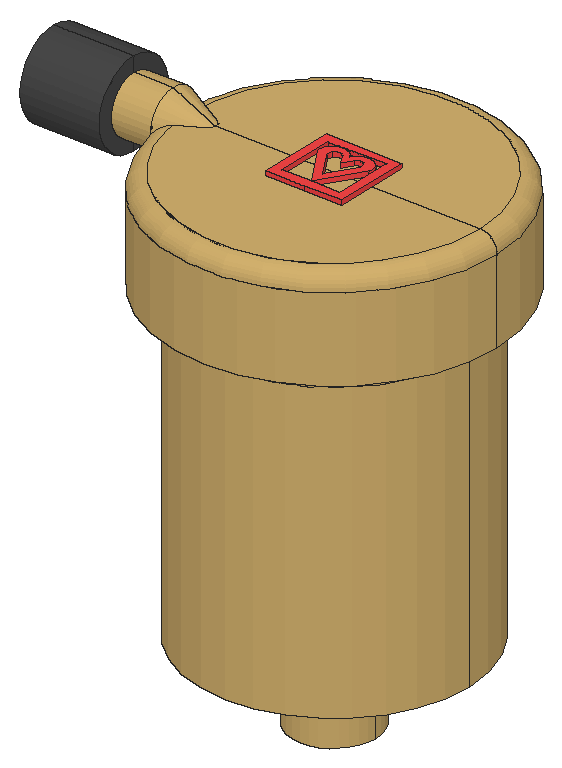
Revit family "Воздухоудалитель с функцией впуска и выпуска воздуха 2630 02", category Rohrzubehör, Revit 2021
Family settings
  Bemaßung runder Anschluss = Durchmesser verwenden
  Teiletyp = Normal
  OmniClass-Nummer = 23.65.55.14
  OmniClass-Titel = Valves for Liquid Services
  Arbeitsebenenbasiert = Nein
  Immer vertikal = Ja
  Beim Laden mit Abzugskörper schneiden = Nein
  Gemeinsam genutzt = Nein
Parameters
  Номер заказа [instance] = if(Nennweite AG = 10.000 mm, 1263002, 0)  # 1263002
  Vorgabe-Ansicht = 0.000 mm
  URL = "www.herz-armaturen.ru"
  Поплавок = "полипропилен"  # constant formula
  SCRNSEQ = "AWI;AWI_TYP=\"1013\";1"
  SCRNCODE = "05;14;01"  # constant formula
  S02 = 11.000 mm  # constant formula
  S01 = 24.500 mm  # constant formula
  R01 = 2.000 mm  # constant formula
  Nennweite AG [instance] = 10.000 mm  # constant formula
  Мин. рабочая температура = 0 °C  # constant formula
  Среда = "Качество  теплоносителя в соответствии с ÖNORM H5195 и/или предписаниями VDI-Standard 2035.\nРазрешается использование смеси этилен или пропиленгликоля в соотношении 25-50% с водой. Прокладки EPDM могут быть подвержены воздействию минеральных смазочных масел, что может служить причиной выхода из строя данных уплотнений. Пожалуйста, обратитесь к документации производителя, при использовании этиленгликоля и пропиленгликоля в целях защиты от замерзания."
  Макс. давление на корпусе = 1200000.0 Pa  # constant formula
  Макс. рабочая температура = 110 °C  # constant formula
  Макс. рабочее давление = 800000.0 Pa  # constant formula
  L04 = L00 - L01  # 24.000 mm
  L03 = 13.500 mm  # constant formula
  L02 = 4.800 mm  # constant formula
  L01 = 9.500 mm  # constant formula
  L00 = 33.500 mm  # constant formula
  Hersteller = "Herz-Armaturen GmbH"  # constant formula
  H05 = H00 - 1.000 mm  # 58.000 mm
  H04 = H03 - D03  # 57.900 mm
  H03 = 63.000 mm  # constant formula
  H02 = 9.500 mm  # constant formula
  H01 = 12.000 mm  # constant formula
  H00 = 59.000 mm  # constant formula
  Корпус = "штампованная латунь в соответствии с EN 12165, CW617N"  # constant formula
  G1 [instance] = Nennweite AG / 2  # 5.000 mm
  Уплотнение = "NBR"  # constant formula
  Крышка корпуса = "штампованная латунь в соответствии с EN 12165, CW617N"  # constant formula
  D05 = 0.800 mm  # constant formula
  D04 = 3.400 mm  # constant formula
  D03 = 5.100 mm  # constant formula
  D02 = 19.500 mm  # constant formula
  D01 = 16.200 mm  # constant formula
  Наружная резьба подключения = "в соответствии с ISO 228"  # constant formula
  Область применения = "Воздухоотводчик используется для удаления воздуха в системах отопления и холодоснабжения. Клапаны должны быть размещены рядом с котлом или же в самых высоких точках системы, чтобы обеспечить удаление воздуха из системы."
  Колпачок = "полипропилен, цвет черный"  # constant formula
Reference planes
  plane 1 "Mitte (Vorne/hinten)": y = 0
  plane 2: z = 0
  plane 3 "Mitte (Links/rechts)": x = 0
Forms (mm)
  Revolve 1, solid, material "Messing", detail levels fine
    sketch origin (0, 0, 0) x (1, 0, 0) y (0, 0, 1)
      loop
        line (0, 0) -> (0, 59) -> (-17.5, 59)
        arc (-17.5, 59) -> (-18.914, 58.414) -> (-19.5, 57) r 2
        line (-19.5, 57) -> (-19.5, 47) -> (-18.2, 47)
        arc (-18.2, 47) -> (-16.786, 46.414) -> (-16.2, 45) r 2
        line (-16.2, 45) -> (-16.2, 9.5) -> (-5, 9.5) -> (-5, 0) -> (0, 0)
      axis (0, 59) -> (0, 0)
    angle from 0 to 360
  Revolve 2, solid, material "Kunststoff schwarz", detail levels fine
    sketch origin (0, 0, 0) x (1, 0, 0) y (0, 0, 1)
      loop
        line (-33.5, 57.9) -> (-24, 57.9) -> (-24, 63) -> (-33.5, 63) -> (-33.5, 57.9)
      axis (-33.5, 57.9) -> (-24, 57.9)
    angle from 0 to 360
  Revolve 3, solid, material "Messing", detail levels fine
    sketch origin (0, 0, 0) x (1, 0, 0) y (0, 0, 1)
      loop
        line (-24, 57.9) -> (0, 57.9) -> (0, 58.7) -> (-13.5, 58.7) -> (-19.2, 61.3) -> (-24, 61.3) -> (-24, 57.9)
      axis (-24, 57.9) -> (0, 57.9)
    angle from 0 to 360
Lines and regions (mm)
  model lines, detail levels coarse+medium
    curve 1: line (0, 0, 59) -> (-11.455, 0, 47.545)
    curve 2: line (0, 0, 59) -> (11.455, 0, 47.545)
    curve 3: circle (0, 0, 34.5) r 11 normal (0, -1, 0)
    curve 4: line (0, 0, 10) -> (-11.455, 0, 21.455)
    curve 5: line (0, 0, 10) -> (11.455, 0, 21.455)
    curve 6: line (0, 0, 59) -> (0, 0, 45.5)
    curve 7: line (0, 0, 23.5) -> (0, 0, 0)
    curve 8: line (0, 0, 59) -> (0, -11.455, 47.545)
    curve 9: line (0, 0, 59) -> (0, 11.455, 47.545)
    curve 10: circle (0, 0, 34.5) r 11 normal (1, 0, 0)
    curve 11: line (0, 0, 10) -> (0, -11.455, 21.455)
    curve 12: line (0, 0, 10) -> (0, 11.455, 21.455)
    curve 13: line (0, 59, 0) -> (11.455, 47.545, 0)
    curve 14: line (0, 59, 0) -> (-11.455, 47.545, 0)
    curve 15: circle (0, 34.5, 0) r 11 normal (0, 0, 1)
    curve 16: line (0, 59, 0) -> (0, 45.5, 0)
    curve 17: line (0, 23.5, 0) -> (0, 0, 0)
    curve 18: line (0, 10, 0) -> (11.455, 21.455, 0)
    curve 19: line (0, 10, 0) -> (-11.455, 21.455, 0)
Dimensions and locks
  "G1": Revolve 1 sketch curve to Revolve 1 sketch curve
  "H00": Revolve 1 sketch curve to Revolve 1 sketch curve
  "D01": Revolve 1 sketch curve to Revolve 1 sketch curve
  "D02": Revolve 1 sketch curve to Revolve 1 sketch curve
  "H02": Revolve 1 sketch curve to Revolve 1 sketch curve
  "H01": Revolve 1 sketch curve to Revolve 1 sketch curve
  "D03": Revolve 2 sketch curve to Revolve 2 sketch curve
  "L01": Revolve 2 sketch curve to Revolve 2 sketch curve
  "L00": Revolve 2 sketch curve to plane 3 "Mitte (Links/rechts)"
  "D04": Revolve 3 sketch curve to Revolve 3 sketch curve
  "L02": Revolve 3 sketch curve to Revolve 3 sketch curve
  "L03": Revolve 3 sketch curve to plane 3 "Mitte (Links/rechts)"
  "L04": Revolve 3 sketch curve to plane 3 "Mitte (Links/rechts)"
  "D05": Revolve 3 sketch curve to Revolve 3 sketch curve
  "H03": Revolve 2 sketch curve to plane 2
  "H04": Revolve 3 sketch curve to plane 2
  "H05": nested 1 to plane 2
  "D01": curve 2 to curve 2
  "D01": curve 1 to curve 2
  "S01": curve 5 to curve 3 to curve 2
  "H00": curve 6 to plane 2
  "D01": curve 4 to curve 5
  "D01": curve 5 to curve 5
  "S01": curve 9 to curve 10
  "H00": curve 9 to plane 2
  "S01": curve 12 to curve 10
  "D01": curve 8 to curve 8
  "D01": curve 9 to curve 9
  "D01": curve 11 to curve 11
  "D01": curve 12 to curve 12
  "H00": curve 16 to curve 17
  "D01": curve 14 to curve 14
  "D01": curve 13 to curve 13
  "D01": curve 19 to curve 19
  "D01": curve 18 to curve 18
  "S01": curve 16 to curve 15 to curve 19
  "R01": radius of Revolve 1 sketch curve  (x2)
  "S02": radius of curve 3
  "S02": radius of curve 10
  "S02": radius of curve 15
  angle curve 1 to curve 6 = 45.00°
  angle curve 6 to curve 2 = 45.00°
  angle curve 5 to curve 7 = 45.00°
  angle curve 7 to curve 4 = 45.00°
  angle plane 1 "Mitte (Vorne/hinten)" to curve 9 = 45.00°
  angle curve 8 to plane 1 "Mitte (Vorne/hinten)" = 45.00°
  angle plane 1 "Mitte (Vorne/hinten)" to curve 11 = 45.00°
  angle curve 12 to plane 1 "Mitte (Vorne/hinten)" = 45.00°
  angle curve 16 to curve 13 = 45.00°
  angle curve 14 to curve 16 = 45.00°
  angle curve 16 to curve 19 = 45.00°
  angle curve 18 to curve 17 = 45.00°
  aligned and locked: level to plane 2
Automatic sketch dimensions
  curve 12 to plane 1 "Mitte (Vorne/hinten)" = 0.000 mm
  curve 10 to plane 1 "Mitte (Vorne/hinten)" = 0.000 mm
  curve 9 to plane 1 "Mitte (Vorne/hinten)" = 0.000 mm
  curve 2 to plane 3 "Mitte (Links/rechts)" = 0.000 mm
  curve 7 to plane 3 "Mitte (Links/rechts)" = 0.000 mm
  curve 3 to plane 3 "Mitte (Links/rechts)" = 0.000 mm
  curve 4 to plane 3 "Mitte (Links/rechts)" = 0.000 mm
  curve 14 to plane 3 "Mitte (Links/rechts)" = 0.000 mm
  curve 19 to plane 3 "Mitte (Links/rechts)" = 0.000 mm
  curve 15 to plane 3 "Mitte (Links/rechts)" = 0.000 mm
  curve 17 to plane 3 "Mitte (Links/rechts)" = 0.000 mm
  plane 1 "Mitte (Vorne/hinten)" to curve 17 = 0.000 mm
  Revolve 1 sketch curve to level = 0.000 mm
  Revolve 1 sketch curve to plane 3 "Mitte (Links/rechts)" = 0.000 mm  (x2)
  Revolve 1 sketch curve to level = 2000.000 mm
  Revolve 1 sketch curve to Revolve 1 sketch curve = 1937.000 mm
  Revolve 2 sketch curve to Revolve 2 sketch curve = 0.000 mm  (x3)
  Revolve 3 sketch curve to plane 3 "Mitte (Links/rechts)" = 0.000 mm
  Revolve 3 sketch curve to Revolve 3 sketch curve = 0.212 mm
  Revolve 3 sketch curve to plane 3 "Mitte (Links/rechts)" = 0.539 mm
  Revolve 3 sketch curve to Revolve 3 sketch curve = 0.000 mm
Nested families
  nested 1: "Herz-Logo" at (0, 0, 58), type "Herz-Logo", detail levels fine
Connectors
  piping at (0, 0, 0), diameter 10, driven by "Nennweite AG"
    settings: on Revolve 1, index 1, connector inside diameter 609.6 mm, connector length 0.000 mm, flow factor 0, pipe flow 0.0 L/s, pressure drop 0.0 Pa, fitting loss kfactor 0, connector angle 0.00°, fixture units 0, engagement length 0.000 mm, angle of deflection 0.00°, flow configuration 0, flow direction 1, fitting loss method 0, system type 29, joint type 0, gender type 0, connector reference index -1, connector utility 0, adjustable connector no, is connector primary yes, connector description ""
Definition of nested family "Herz-Logo"
  Parameters (values of type "Herz-Logo")
    Default Elevation = 0.000 mm
  Reference planes
    plane 1 "Mitte (Vorne/hinten)": y = 0
    plane 2: z = 0
    plane 3 "Mitte (Links/rechts)": x = 0
  Forms (mm)
    Extrusion 1, solid
      sketch origin (0, 0, 0) x (1, 0, 0) y (0, 1, 0)
        loop
          line (-0.018, -4.517) -> (4.482, -4.517) -> (4.482, 4.483) -> (-4.518, 4.483) -> (-4.518, -4.517) -> (-0.018, -4.517)
        loop
          line (-0.05, -3.48) -> (3.482, -3.48) -> (3.482, 3.483) -> (-3.518, 3.483) -> (-3.518, -3.48) -> (-0.05, -3.48)
        loop
          arc (-0.018, 2.383) -> (-1.543, 3.287) -> (-3.067, 2.383) r 1.738
          arc (-3.067, 2.383) -> (-3.191, 1.899) -> (-3.067, 1.415) r 1.009
          line (-3.067, 1.415) -> (-0.018, -3.281) -> (3.032, 1.415)
          arc (3.032, 1.415) -> (3.156, 1.899) -> (3.032, 2.383) r 1.009
          arc (3.032, 2.383) -> (1.507, 3.287) -> (-0.018, 2.383) r 1.738
        loop
          arc (1.885, 1.272) -> (2.005, 1.675) -> (1.885, 2.079) r 0.74
          arc (1.885, 2.079) -> (1.265, 2.416) -> (0.644, 2.079) r 0.74
          line (0.644, 2.079) -> (-0.018, 0.97) -> (-0.679, 2.079)
          arc (-0.679, 2.079) -> (-1.3, 2.416) -> (-1.921, 2.079) r 0.74
          arc (-1.921, 2.079) -> (-2.04, 1.675) -> (-1.921, 1.272) r 0.74
          line (-1.921, 1.272) -> (-0.018, -1.658) -> (1.885, 1.272)
      from 0 to 1.5
  Dimensions and locks
    aligned and locked: level to plane 2
